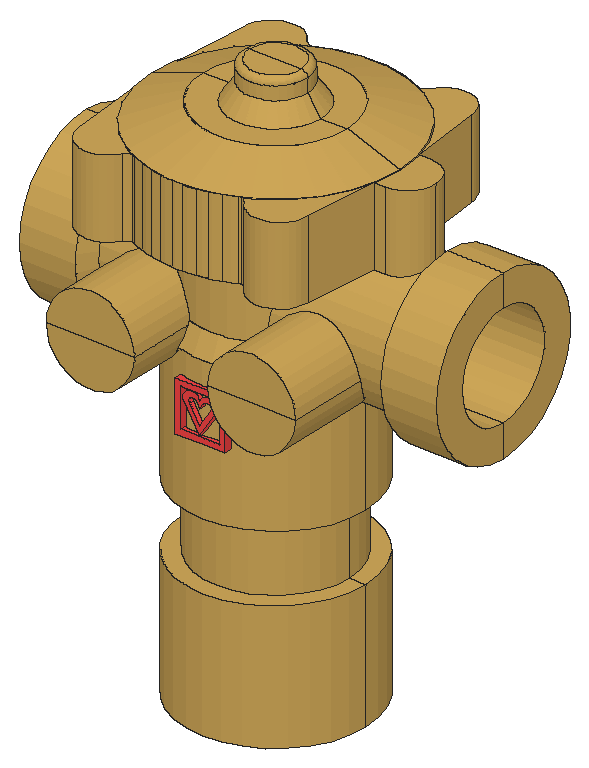
Revit family "Комби-клапан – регулятор расхода 4206_R_SMART_LF_MF", category Rohrzubehör, Revit 2018
Family settings
  Bemaßung runder Anschluss = Durchmesser verwenden
  Teiletyp = Unterbricht
  OmniClass-Nummer = 23.65.55.14
  OmniClass-Titel = Valves for Liquid Services
  Arbeitsebenenbasiert = Nein
  Immer vertikal = Ja
  Beim Laden mit Abzugskörper schneiden = Nein
  Gemeinsam genutzt = Nein
Parameters (values of type "MF")
  Номер заказа [instance] = if(and(LF, Nennweite = 15.00 mm), 1420660, if(and(MF, Nennweite = 15.00 mm), 1420669, 0))  # 1420669
  Мин. рабочая температура (чистая вода) = 2 °C  # constant formula
  Мин. рабочая температура (антифриз) = -20 °C  # constant formula
  Макс. перепад давления = 400000.0 Pa  # constant formula
  Макс. рабочая температура до DN32 = 130 °C  # constant formula
  Макс. рабочая температура от DN40 = 110 °C  # constant formula
  Макс. рабочее давление = 1600000.0 Pa  # constant formula
  Среда = "Качество теплоносителя в соответствии с ÖNORM H5195 и/или предписаниями VDI-Standard 2035.\nРазрешается использование смеси этилен- или пропиленгликоля в соотношении 25-50% с водой."
  URL = "www.herz-armaturen.ru"
  Шпиндель = "Нержавеющая сталь 14301"  # constant formula
  SCRNSEQ = "ARM;ARM_TYP=\"DURR\";2"
  SCRNCODE = "05;04;02"  # constant formula
  S04 [instance] = R01 * 2  # 30.00 mm
  S01 [instance] = L01 + L02  # 75.00 mm
  R02 [instance] = size_lookup("4206R_S_LF_MF", "R2", 9.32 mm, Nennweite)  # 9.316 mm
  R01 [instance] = size_lookup("4206R_S_LF_MF", "R1", 15.00 mm, Nennweite)  # 15.00 mm
  PN = 25  # constant formula
  Кольцевое уплотнение O-Ring = "EPDM"  # constant formula
  Корпус мембраны = "Латунь CW602N"  # constant formula
  Мембрана = "EPDM"  # constant formula
  MF [instance] = yes
  LF [instance] = no
  L14 = 44.00 mm  # constant formula
  L13 = 32.00 mm  # constant formula
  L06 = 3.44 mm  # constant formula
  Импульсная трубка = "Медь Cu-DHP (CW024A)"  # constant formula
  Ход = 4.00 mm  # constant formula
  Hersteller = "Herz-Armaturen GmbH"  # constant formula
  H10 = 22.33 mm  # constant formula
  Корпус = "Латунь, устойчивая к селективной цинковой коррозии"  # constant formula
  Пружина = "Пружинная нержавеющая сталь"  # constant formula
  Защитный колпачок = "Пластик"  # constant formula
  B16 = 26.00 mm  # constant formula
  B15 = 23.00 mm  # constant formula
  B14 = 8.73 mm  # constant formula
  B13 = 40.79 mm  # constant formula
  B12 = 36.73 mm  # constant formula
  B11 = 34.69 mm  # constant formula
  B10 = 31.75 mm  # constant formula
  B09 [instance] = size_lookup("4206R_S_LF_MF", "B9", 3.30 mm, Nennweite)  # 3.30 mm
  Nennweite [instance] = 15.00 mm
  L05 = 3.44 mm  # constant formula
  L04 [instance] = size_lookup("4206R_S_LF_MF", "L4", 12.00 mm, Nennweite)  # 12.00 mm
  L03 [instance] = size_lookup("4206R_S_LF_MF", "L3", 10.00 mm, Nennweite)  # 10.00 mm
  L02 = 34.00 mm  # constant formula
  L01 = 41.00 mm  # constant formula
  H09 = 1.08 mm  # constant formula
  H08 = 4.24 mm  # constant formula
  H07 = 28.19 mm  # constant formula
  H06 = 24.02 mm  # constant formula
  H05 = 10.06 mm  # constant formula
  H04 = 6.74 mm  # constant formula
  H03 = 3.46 mm  # constant formula
  H02 [instance] = size_lookup("4206R_S_LF_MF", "H2", 65.00 mm, Nennweite)  # 67.00 mm
  H01 = 35.00 mm  # constant formula
  B08 = 23.05 mm  # constant formula
  B07 [instance] = size_lookup("4206R_S_LF_MF", "B7", 16.50 mm, Nennweite)  # 16.50 mm
  B06 = 5.86 mm  # constant formula
  B05 = 3.70 mm  # constant formula
  B04 = 6.75 mm  # constant formula
  B03 = 7.93 mm  # constant formula
  B02 [instance] = size_lookup("4206R_S_LF_MF", "B2", 12.50 mm, Nennweite)  # 12.50 mm
  B01 = 41.62 mm  # constant formula
  Область применения = "Комби-клапан применяется в системах отопления и охлаждения с насосами. Комби-клапан автоматически ограничивает расход на выбранном участке системы до заданного значения, компенсируя все колебания давления. При этом нет необходимости в измерениях, а регулирование эффективно при любых условиях эксплуатации. Комби-клапан регулирует расход в соответствии с настройкой до заданного значения; на мембрану воздействует давление непосредственно до и после регулирующей части."
Types (3, lengths in mm): name | Номер заказа | MF | LF
  (no name) | 1420669 | yes | no
  LF | 1420660 | no | yes
  MF | 1420669 | yes | no
Reference planes
  plane 1 "Mitte (Vorne/hinten)": y = 0
  plane 2: z = 0
  plane 3 "Mitte (Links/rechts)": x = 0
Forms (mm)
  Revolve 1, solid, material "Messing, weicher Gelbton, geschweißt", detail levels fine
    sketch origin (0, 0, 0) x (1, 0, 0) y (0, 0, 1)
      loop
        line (0, -67) -> (16.292, -67) -> (16.292, -44) -> (13.292, -44) -> (13.292, -32) -> (16.292, -32) -> (16.292, -6.498) -> (14.505, -2.652) -> (14.505, 6.81) -> (22.33, 10.98) -> (22.33, 24.94) -> (12.949, 28.26) -> (8.129, 28.26) -> (5.75, 31.54) -> (5.75, 33.92)
        arc (5.75, 33.92) -> (5.434, 34.684) -> (4.67, 35) r 1.08
        line (4.67, 35) -> (0, 35) -> (0, -67)
      axis (0, 35) -> (0, -67)
    angle from 0 to 360
  Revolve 2, solid, material "Messing, weicher Gelbton, geschweißt", detail levels fine
    sketch origin (0, 0, -3.3) x (1, 0, 0) y (0, 1, 0)
      loop
        line (-20.425, -26) -> (-12.5, -26) -> (-12.5, -8.046) -> (-20.425, -8.046) -> (-20.425, -26)
      axis (-12.5, -8.046) -> (-12.5, -26)
    angle from 0 to 360
  Revolve 3, solid, material "Messing, weicher Gelbton, geschweißt", detail levels fine
    sketch origin (0, 0, 0) x (-1, 0, 0) y (0, 0, 1)
      loop
        line (34, 9.316) -> (34, 15) -> (24, 15) -> (22.317, 12) -> (-29.317, 12) -> (-31, 15) -> (-41, 15) -> (-41, 9.316) -> (-27.815, 9.316) -> (-27.815, 0) -> (20.815, 0) -> (20.815, 9.315) -> (34, 9.316)
      axis (-41, 0) -> (34, 0)
    angle from 0 to 360
  Extrusion 4, solid, material "Messing, weicher Gelbton, geschweißt", detail levels fine
    sketch origin (0, 0, 25.912) x (-1, 0, 0) y (0, -1, 0)
      loop
        arc (-20.427, -18.385) -> (-16.688, -23.223) -> (-11.063, -20.825) r 5
        arc (-11.063, -20.825) -> (-10.486, -20.308) -> (-9.758, -20.047) r 2.018
        arc (-9.758, -20.047) -> (0, -22.329) -> (9.758, -20.047) r 22
        arc (9.758, -20.047) -> (10.486, -20.308) -> (11.063, -20.825) r 2.018
        arc (11.063, -20.825) -> (16.688, -23.223) -> (20.427, -18.385) r 5
        arc (20.427, -18.385) -> (22, 0) -> (20.427, 18.385) r 108.221
        arc (20.427, 18.385) -> (16.688, 23.223) -> (11.063, 20.825) r 5
        arc (11.063, 20.825) -> (10.486, 20.308) -> (9.758, 20.047) r 2.018
        arc (9.758, 20.047) -> (0, 22.329) -> (-9.758, 20.047) r 22
        arc (-9.758, 20.047) -> (-10.486, 20.308) -> (-11.063, 20.825) r 2.018
        arc (-11.063, 20.825) -> (-16.688, 23.223) -> (-20.427, 18.385) r 5
        arc (-20.427, 18.385) -> (-21.356, 11.79) -> (-21.877, 5.15) r 108.221
        line (-21.877, 5.15) -> (-23.7, 5.15)
        arc (-23.7, 5.15) -> (-27.342, 3.642) -> (-28.85, 0) r 5.15
        arc (-28.85, 0) -> (-27.342, -3.642) -> (-23.7, -5.15) r 5.15
        line (-23.7, -5.15) -> (-21.877, -5.15)
        arc (-21.877, -5.15) -> (-21.356, -11.79) -> (-20.427, -18.385) r 108.221
    from -14.932 to -0.972
  Revolve 5, solid, material "Messing, weicher Gelbton, geschweißt", detail levels fine
    sketch origin (4, 0, -3.3) x (-1, 0, 0) y (0, -1, 0)
      loop
        line (-20.425, 26) -> (-20.425, 8.046) -> (-12.5, 8.046) -> (-12.5, 26) -> (-20.425, 26)
      axis (-12.5, 8.046) -> (-12.5, 26)
    angle from 0 to 360
Lines and regions (mm)
  model lines, detail levels coarse+medium
    curve 1: line (37.5, -15, 0) -> (37.5, 15, 0)
    curve 2: line (37.5, 15, 0) -> (-37.5, -15, 0)
    curve 3: line (-37.5, -15, 0) -> (-37.5, 15, 0)
    curve 4: line (-37.5, 15, 0) -> (37.5, -15, 0)
    curve 5: line (-37.5, 14.673, 0) -> (0, -6.74, 0)
    curve 6: line (0, -6.74, 0) -> (37.5, 14.673, 0)
    curve 7: line (0, -6.74, 0) -> (0, -24.94, 0)
    curve 8: spline (-22.33, -29.97, 0) -> (-21.569, -28.668, 0) -> (-19.338, -27.455, 0) -> (-15.79, -26.413, 0) -> (-11.165, -25.614, 0) -> (-5.779, -25.111, 0) -> (0, -24.94, 0) -> (5.779, -25.111, 0) -> (11.165, -25.614, 0) -> (15.79, -26.413, 0) -> (19.338, -27.455, 0) -> (21.569, -28.668, 0) -> (22.33, -29.97, 0) -> (21.569, -31.272, 0) -> (19.338, -32.485, 0) -> (15.79, -33.527, 0) -> (11.165, -34.326, 0) -> (5.779, -34.829, 0) -> (0, -35, 0) -> (-5.779, -34.829, 0) -> (-11.165, -34.326, 0) -> (-15.79, -33.527, 0) -> (-19.338, -32.485, 0) -> (-21.569, -31.272, 0) -> (-22.33, -29.97, 0)
    curve 9: line (-37.5, 0, 15) -> (-37.5, 0, -15)
    curve 10: line (-37.5, 0, -15) -> (37.5, 0, 15)
    curve 11: line (37.5, 0, 15) -> (37.5, 0, -15)
    curve 12: line (37.5, 0, -15) -> (-37.5, 0, 15)
    curve 13: line (37.287, 0, -14.915) -> (0, 0, 6.74)
    curve 14: line (0, 0, 6.74) -> (-37.5, 0, -15)
    curve 15: line (0, 0, 6.74) -> (0, 0, 24.94)
    curve 16: spline (-22.33, 0, 29.97) -> (-21.569, 0, 31.272) -> (-19.338, 0, 32.485) -> (-15.79, 0, 33.527) -> (-11.165, 0, 34.326) -> (-5.779, 0, 34.829) -> (0, 0, 35) -> (5.779, 0, 34.829) -> (11.165, 0, 34.326) -> (15.79, 0, 33.527) -> (19.338, 0, 32.485) -> (21.569, 0, 31.272) -> (22.33, 0, 29.97) -> (21.569, 0, 28.668) -> (19.338, 0, 27.455) -> (15.79, 0, 26.413) -> (11.165, 0, 25.614) -> (5.779, 0, 25.111) -> (0, 0, 24.94) -> (-5.779, 0, 25.111) -> (-11.165, 0, 25.614) -> (-15.79, 0, 26.413) -> (-19.338, 0, 27.455) -> (-21.569, 0, 28.668) -> (-22.33, 0, 29.97)
Dimensions and locks
  "H01": Revolve 1 sketch curve to plane 2
  "H02": plane 2 to Revolve 1 sketch curve
  "H03": Revolve 1 sketch curve to Revolve 1 sketch curve
  "H04": Revolve 1 sketch curve to Revolve 1 sketch curve
  "H05": Revolve 1 sketch curve to Revolve 1 sketch curve
  "H06": Revolve 1 sketch curve to Revolve 1 sketch curve
  "H07": Revolve 1 sketch curve to Revolve 1 sketch curve
  "H08": Revolve 1 sketch curve to Revolve 1 sketch curve
  "L02": plane 3 "Mitte (Links/rechts)" to Revolve 3 sketch curve
  "L01": Revolve 3 sketch curve to plane 3 "Mitte (Links/rechts)"
  "L03": Revolve 3 sketch curve to Revolve 3 sketch curve
  "L04": Revolve 3 sketch curve to plane 2
  "L05": Revolve 3 sketch curve to Revolve 3 sketch curve
  "R01": Revolve 3 sketch curve to plane 2  (x2)
  "R02": Revolve 3 sketch curve to plane 2  (x2)
  "B16": Revolve 2 sketch curve to plane 1 "Mitte (Vorne/hinten)"
  "B02": Revolve 2 sketch curve to plane 3 "Mitte (Links/rechts)"
  "B16": plane 1 "Mitte (Vorne/hinten)" to Revolve 5 sketch curve
  "B07": plane 3 "Mitte (Links/rechts)" to Revolve 5 sketch curve
  "L06": Revolve 3 sketch curve to Revolve 3 sketch curve
  "S01": curve 3 to curve 1
  equal spacing: curve 3, plane 3 "Mitte (Links/rechts)", curve 1
  "S04": curve 2 to curve 4
  "S04": curve 4 to curve 3
  "H10": plane 3 "Mitte (Links/rechts)" to Revolve 1 sketch curve
  "H10": curve 8 to plane 3 "Mitte (Links/rechts)" to curve 8
  "H01": curve 8 to plane 1 "Mitte (Vorne/hinten)"
  "H05": curve 8 to curve 8
  equal spacing: curve 3, plane 1 "Mitte (Vorne/hinten)", curve 4
  equal spacing: curve 4, plane 1 "Mitte (Vorne/hinten)", curve 2
  "H04": curve 7 to plane 1 "Mitte (Vorne/hinten)"
  "S01": curve 9 to curve 11
  equal spacing: curve 9, plane 3 "Mitte (Links/rechts)", curve 11
  "H10": curve 16 to plane 3 "Mitte (Links/rechts)" to curve 16
  "S04": curve 12 to curve 14
  "S04": curve 11 to curve 12
  equal spacing: curve 12, plane 2, curve 14
  equal spacing: curve 11, plane 2, curve 12
  "H04": curve 15 to plane 2
  "H01": curve 16 to plane 2
  "H05": curve 16 to curve 16
  "L13": plane 2 to Revolve 1 sketch curve
  "L14": plane 2 to Revolve 1 sketch curve
  "H09": radius of Revolve 1 sketch curve
  aligned and locked: level to plane 2
  aligned and locked: Revolve 1 to Extrusion 4
  aligned and locked: Extrusion 4 to Revolve 1
Automatic sketch dimensions
  Extrusion 4 sketch curve to Extrusion 4 sketch curve = 0.00 mm  (x5)
  plane 1 "Mitte (Vorne/hinten)" to Extrusion 4 sketch curve = 0.00 mm  (x3)
  Extrusion 4 sketch curve to plane 3 "Mitte (Links/rechts)" = 0.00 mm  (x2)
  plane 3 "Mitte (Links/rechts)" to Extrusion 4 sketch curve = 9.452 mm  (x2)
  Extrusion 4 sketch curve to Extrusion 4 sketch curve = 5.975 mm  (x4)
  Extrusion 4 sketch curve to plane 1 "Mitte (Vorne/hinten)" = 5.15 mm
  Extrusion 4 sketch curve to Extrusion 4 sketch curve = 6.45 mm
  Extrusion 4 sketch curve to Extrusion 4 sketch curve = 1.823 mm
  Extrusion 4 sketch curve to Extrusion 4 sketch curve = 57.371 mm
  Extrusion 4 sketch curve to plane 3 "Mitte (Links/rechts)" = 9.452 mm  (x2)
  Extrusion 4 sketch curve to Extrusion 4 sketch curve = 70.794 mm
  Extrusion 4 sketch curve to Extrusion 4 sketch curve = 13.235 mm  (x2)
  Extrusion 4 sketch curve to plane 1 "Mitte (Vorne/hinten)" = 18.385 mm
  Extrusion 4 sketch curve to Extrusion 4 sketch curve = 3.657 mm  (x4)
  Extrusion 4 sketch curve to plane 1 "Mitte (Vorne/hinten)" = 0.329 mm
  plane 1 "Mitte (Vorne/hinten)" to Extrusion 4 sketch curve = 0.329 mm
  plane 1 "Mitte (Vorne/hinten)" to Extrusion 4 sketch curve = 18.385 mm
  Extrusion 4 sketch curve to Extrusion 4 sketch curve = 0.306 mm  (x4)
  Extrusion 4 sketch curve to Extrusion 4 sketch curve = 1.305 mm  (x3)
  Extrusion 4 sketch curve to Extrusion 4 sketch curve = 5.00 mm
  curve 6 to plane 3 "Mitte (Links/rechts)" = 0.00 mm
  curve 6 to curve 1 = 0.327 mm
  curve 5 to curve 3 = 0.327 mm
  Revolve 1 sketch curve to plane 3 "Mitte (Links/rechts)" = 0.00 mm  (x2)
  plane 3 "Mitte (Links/rechts)" to Revolve 1 sketch curve = 4.67 mm
  Revolve 1 sketch curve to Revolve 1 sketch curve = 2.379 mm
  Revolve 1 sketch curve to Revolve 1 sketch curve = 4.82 mm
  plane 3 "Mitte (Links/rechts)" to Revolve 1 sketch curve = 13.292 mm
  Revolve 1 sketch curve to level = 2.652 mm
  plane 3 "Mitte (Links/rechts)" to Revolve 1 sketch curve = 14.505 mm
  Revolve 1 sketch curve to Revolve 1 sketch curve = 3.00 mm  (x2)
  Revolve 1 sketch curve to Revolve 1 sketch curve = 292.892 mm
  Revolve 1 sketch curve to Revolve 1 sketch curve = 2176.299 mm
  Revolve 2 sketch curve to Revolve 2 sketch curve = 0.00 mm  (x3)
  Revolve 2 sketch curve to Revolve 2 sketch curve = 7.925 mm
  plane 1 "Mitte (Vorne/hinten)" to Revolve 2 sketch curve = 8.046 mm
  Revolve 3 sketch curve to level = 0.00 mm  (x2)
  Revolve 3 sketch curve to Revolve 3 sketch curve = 10.00 mm
  Revolve 3 sketch curve to Revolve 3 sketch curve = 1.501 mm  (x2)
  Revolve 3 sketch curve to Revolve 3 sketch curve = 1315.107 mm
  Revolve 3 sketch curve to Revolve 3 sketch curve = 1862.053 mm
  Revolve 5 sketch curve to Revolve 5 sketch curve = 0.00 mm  (x3)
  Revolve 5 sketch curve to Revolve 5 sketch curve = 7.925 mm
  plane 1 "Mitte (Vorne/hinten)" to Revolve 5 sketch curve = 8.046 mm
  curve 14 to plane 3 "Mitte (Links/rechts)" = 0.00 mm
  curve 13 to level = 14.915 mm
Nested families
  nested 1: "Herz-Logo-vorne" at (0, -16.164, -15) x (0, 1, 0) z (0, 0, 1), type "Herz-Logo-vorne"
Connectors
  piping at (41, 0, 0), diameter 15, driven by "Nennweite"
    settings: on Revolve 3, index 1, connector inside diameter 609.6 mm, connector length 0.00 mm, flow factor 0, pipe flow 0.0 L/s, pressure drop 0.0 Pa, fitting loss kfactor 0, connector angle 0.00°, fixture units 0, engagement length 0.00 mm, angle of deflection 0.00°, flow configuration 0, flow direction 2, fitting loss method 0, system type 29, joint type 0, gender type 0, connector reference index -1, connector utility 0, adjustable connector no, is connector primary yes, connector description ""
  piping at (-34, 0, 0), diameter 15, driven by "Nennweite"
    settings: on Revolve 3, index 2, connector inside diameter 609.6 mm, connector length 0.00 mm, flow factor 0, pipe flow 0.0 L/s, pressure drop 0.0 Pa, fitting loss kfactor 0, connector angle 0.00°, fixture units 0, engagement length 0.00 mm, angle of deflection 0.00°, flow configuration 0, flow direction 1, fitting loss method 0, system type 29, joint type 0, gender type 0, connector reference index -1, connector utility 0, adjustable connector no, is connector primary no, connector description ""
Definition of nested family "Herz-Logo-vorne"
  Reference planes
    plane 1 "Mitte (Vorne/hinten)": y = 0
    plane 2: z = 0
    plane 3 "Mitte (Links/rechts)": x = 0
  Forms (mm)
    Extrusion 1, solid
      sketch origin (0.732, -0.018, 0.017) x (0, -1, 0) y (0, 0, 1)
        loop
          line (-0.018, -4.517) -> (4.482, -4.517) -> (4.482, 4.483) -> (-4.518, 4.483) -> (-4.518, -4.517) -> (-0.018, -4.517)
        loop
          line (-0.05, -3.48) -> (3.482, -3.48) -> (3.482, 3.483) -> (-3.518, 3.483) -> (-3.518, -3.48) -> (-0.05, -3.48)
        loop
          arc (-0.018, 2.383) -> (-1.543, 3.287) -> (-3.067, 2.383) r 1.738
          arc (-3.067, 2.383) -> (-3.191, 1.899) -> (-3.067, 1.415) r 1.009
          line (-3.067, 1.415) -> (-0.018, -3.281) -> (3.032, 1.415)
          arc (3.032, 1.415) -> (3.156, 1.899) -> (3.032, 2.383) r 1.009
          arc (3.032, 2.383) -> (1.507, 3.287) -> (-0.018, 2.383) r 1.738
        loop
          arc (1.885, 1.272) -> (2.005, 1.675) -> (1.885, 2.079) r 0.74
          arc (1.885, 2.079) -> (1.265, 2.416) -> (0.644, 2.079) r 0.74
          line (0.644, 2.079) -> (-0.018, 0.97) -> (-0.679, 2.079)
          arc (-0.679, 2.079) -> (-1.3, 2.416) -> (-1.921, 2.079) r 0.74
          arc (-1.921, 2.079) -> (-2.04, 1.675) -> (-1.921, 1.272) r 0.74
          line (-1.921, 1.272) -> (-0.018, -1.658) -> (1.885, 1.272)
      from 0 to 1.5
  Dimensions and locks
    aligned and locked: level to plane 2
